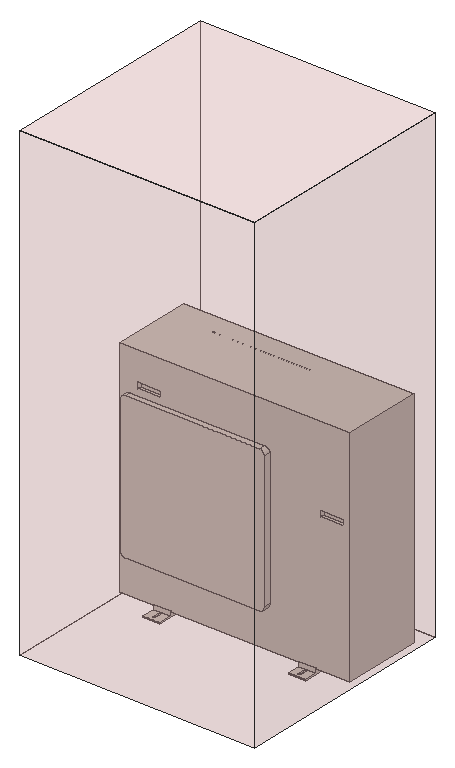
Revit family "PUZ-ZM60VHA2(-ET,ER)", category Mechanical Equipment, Revit 2018
Family settings
  Round Connector Dimension = Use Diameter
  Part Type = Normal
  OmniClass Number = 23.75.00.00
  OmniClass Title = Climate Control (HVAC)
  Work Plane-Based = No
  Always vertical = Yes
  Cut with Voids When Loaded = No
  Shared = No
  Room Calculation Point = No
Parameters (values of type "PUZ-ZM60VHA2(-ET,ER)")
  Width (mm) = 950.000 mm
  Width (in) = "37-13/32"
  WarrantyStart = ""
  Unit Weight (lbS) = "148"
  TagNumber = 0
  SerialNumber = 0
  ReplacementYear = ""
  Refrigerant control = "Linear Expansion Valve"
  Refrigerant charge (lb) = "6.2"
  Refrigerant charge (kg) = 2.8
  Refrigerant Piping length Between the indoor and outdoor unit(m) = "Maximum 55"
  Refrigerant Piping Height difference Between the indoor and outdoor unit(m) = "Maximum 30"
  Refrigerant Oil (Model) (L) = "0.70 (FW68S)"
  Model = "PUZ-ZM60VHA2(-ET,ER)\r\nPUZ-ZM60VHA2(-ET,ER)"
  Voltage = 230 V
  Unit Weight (kg) = 67
  URL = "http://www.mitsubishielectric.com/"
  Subcategory = "HVAC"
  Space View = yes
  Refrigerant type = "R32"
  Phase = 1
  Maxmum current (A) = 19 A
  Manufacturer = "Mitsubishi Electric Corporation"
  Liquid pipe_diameter (mm) = 9.520 mm
  Liquid pipe_diameter (in) = "3/8"
  InstallationDate = ""
  Hertz = 50 Hz
  Height (mm) = 943.000 mm
  Height (in) = "37-1/8"
  Heating Sound pressure level (SPL) (dB) = 47
  Heat exchanger = "Plate fin coill"
  Gas pipe_diameter (mm) = 15.880 mm
  Gas pipe_diameter (in) = "5/8"
  Fan drive = "Propeller fan"
  Fan No. = "1"
  Fan Motor Output (kW) = 0.074
  Fan Airflow (m3/min) (CFM) = "55 (1940)"
  External Finish = "Munsell 3Y 7.8/1.1"
  Equip_description = ""
  Equip_No. = 0
  Equip_ID = ""
  Description_ = ""
  Depth (mm)_ = "300+25"
  Depth (in) = "13+1-3/16"
  Defrost method = "Reverse cycle"
  CreatedOn = ""
  CreatedBy = ""
  Crankcase heater = "-"
  Cooling Sound pressure level (SPL) (dB) = 49
  Connection method Outdoor side = "Flared"
  Connection method  Indoor side = "Flared"
  Compressor Starter type = "Inverter"
  Compressor Protection devices = "HP switch, Comp. surface thermo, Discharge thermo, Over current detection"
  Compressor Motor Output (kW) = 1.25
  Compressor Model = "SVB172FFUM1"
  Compressor = "Hermetic"
  Category = ""
  Barcode = ""
  AssetIdentifier = ""
Reference planes
  plane 1 "Center (Front/Back)": y = 0
  plane 2: z = 0
  plane 3 "Center (Left/Right)": x = 0
  plane 4: y = 165
  plane 5 "R": x = 475
  plane 6: y = -165
  plane 7 "LEFT": x = -475
  plane 8 "TOP": z = 943
  plane 9: x = -153
  plane 10: z = 473
  plane 11: x = 434
  plane 12: x = 378
  plane 13: y = -104
  plane 14: y = -124
  plane 15 "UNDER": z = 23
  plane 16: y = 54
  plane 17: y = 135
  plane 18: x = -445
  plane 19: x = -225
  plane 20: x = -80
  plane 21: x = 65
  plane 22: x = 210
  plane 23: z = 663
Forms (mm)
  Extrusion 1, solid, material "Paint_3Y 7.8/ 1.1"
    sketch origin (24.944, 4.915, 0) x (1, 0, 0) y (0, 1, 0)
      loop
        line (-499.944, 160.085) -> (-499.944, -169.915) -> (450.056, -169.915) -> (450.056, 160.085) -> (-499.944, 160.085)
    from 23 to 943
  Extrusion 2, void
    sketch origin (-445.511, 165, 0) x (-1, 0, 0) y (0, 0, -1)
      loop
        line (-719.9, -62.088) -> (-719.9, -892.296) -> (-90.6, -892.296) -> (-90.6, -62.088) -> (-719.9, -62.088)
    from -153.27 to 20
  Extrusion 3, solid, material "Service space", visible <- "Space View"
    sketch origin (6.687, 16.028, 0) x (1, 0, 0) y (0, 1, 0)
      loop
        line (478.313, 248.972) -> (-491.687, 248.972) -> (-491.688, -681.028) -> (478.312, -681.028) -> (478.313, 248.972)
    from 1943 to -1
  Extrusion 4, solid, material "Paint_3Y 7.8/ 1.1"
    sketch origin (470.431, -165, 0) x (-1, 0, 0) y (0, 0, -1)
      loop
        line (920.431, -753) -> (920.431, -193)
        arc (920.431, -193) -> (914.573, -178.858) -> (900.431, -173) r 20
        line (900.431, -173) -> (346.431, -173)
        arc (346.431, -173) -> (332.289, -178.858) -> (326.431, -193) r 20
        line (326.431, -193) -> (326.431, -753)
        arc (326.431, -753) -> (332.289, -767.142) -> (346.431, -773) r 20
        line (346.431, -773) -> (900.431, -773)
        arc (900.431, -773) -> (914.573, -767.142) -> (920.431, -753) r 20
    from 0 to 25
  Extrusion 5, solid
    sketch origin (24.944, 4.915, 0) x (1, 0, 0) y (0, 1, 0)
      loop
        circle (-370.55, 157.644) r 2
      loop
        circle (-218.55, 157.644) r 2
      loop
        circle (-66.55, 157.644) r 2
      loop
        circle (85.45, 157.644) r 2
      loop
        circle (237.45, 157.644) r 2
    from 62.088 to 892.296
  Extrusion 6, solid
    sketch origin (-450.056, 4.915, 0) x (0, 1, 0) y (0, 0, 1)
      loop
        circle (157.644, 75.98) r 2
      loop
        circle (157.644, 273.98) r 2
      loop
        circle (157.644, 481.98) r 2
      loop
        circle (157.644, 689.98) r 2
      loop
        circle (157.644, 884.443) r 2
    from 95.145 to 724.445
  Extrusion 7, solid, material "Copper"
    sketch origin (-15.056, 4.915, 0) x (1, 0, 0) y (0, 1, 0)
      loop
        circle (393.056, -129.915) r 4.76
    from 447 to 537.741
  Extrusion 8, solid, material "Copper"
    sketch origin (24.944, 11.915, 0) x (1, 0, 0) y (0, 1, 0)
      loop
        circle (409.056, -115.915) r 7.94
    from 433 to 537.741
  Extrusion 9, solid
    sketch origin (470.431, -165, -47.5) x (-1, 0, 0) y (0, 0, -1)
      loop
        line (258.262, -673) -> (118.262, -673) -> (118.262, -748) -> (258.262, -748) -> (258.262, -673)
    from -75 to -70
  Extrusion 10, void
    sketch origin (470.431, -165, 0) x (-1, 0, 0) y (0, 0, -1)
      loop
        arc (113.014, -615.217) -> (114.428, -614.631) -> (115.014, -613.217) r 2
        line (115.014, -613.217) -> (115.014, -592.217)
        arc (115.014, -592.217) -> (114.428, -590.803) -> (113.014, -590.217) r 2
        line (113.014, -590.217) -> (22.014, -590.217)
        arc (22.014, -590.217) -> (20.6, -590.803) -> (20.014, -592.217) r 2
        line (20.014, -592.217) -> (20.014, -613.217)
        arc (20.014, -613.217) -> (20.6, -614.631) -> (22.014, -615.217) r 2
        line (22.014, -615.217) -> (113.014, -615.217)
    from -15 to 0
  Extrusion 11, void
    sketch origin (-450.056, 165, 0) x (1, 0, 0) y (0, 0, -1)
      loop
        arc (900.473, -648.587) -> (901.888, -648.001) -> (902.473, -646.587) r 2
        line (902.473, -646.587) -> (902.473, -625.587)
        arc (902.473, -625.587) -> (901.888, -624.173) -> (900.473, -623.587) r 2
        line (900.473, -623.587) -> (809.473, -623.587)
        arc (809.473, -623.587) -> (808.059, -624.173) -> (807.473, -625.587) r 2
        line (807.473, -625.587) -> (807.473, -646.587)
        arc (807.473, -646.587) -> (808.059, -648.001) -> (809.473, -648.587) r 2
        line (809.473, -648.587) -> (900.473, -648.587)
    from -15 to 0
  Extrusion 12, void
    sketch origin (-450.056, 165, 0) x (1, 0, 0) y (0, 0, -1)
      loop
        line (-24.944, -641.249) -> (20.556, -641.249)
        arc (20.556, -641.249) -> (21.97, -640.663) -> (22.556, -639.249) r 2
        line (22.556, -639.249) -> (22.556, -618.204)
        arc (22.556, -618.204) -> (21.97, -616.79) -> (20.556, -616.204) r 2
        line (20.556, -616.204) -> (-24.944, -616.204) -> (-24.944, -641.249)
    from -15 to 0
  Extrusion 13, void
    sketch origin (-475, 149.915, 0) x (0, 1, 0) y (0, 0, -1)
      loop
        line (15.085, -641.249) -> (15.085, -616.249) -> (-30.415, -616.249)
        arc (-30.415, -616.249) -> (-31.83, -616.835) -> (-32.415, -618.249) r 2
        line (-32.415, -618.249) -> (-32.415, -639.249)
        arc (-32.415, -639.249) -> (-31.83, -640.663) -> (-30.415, -641.249) r 2
        line (-30.415, -641.249) -> (15.085, -641.249)
    from -15 to 0
  Extrusion 14, void
    sketch origin (6.526, 0, 23) x (-1, 0, 0) y (0, -1, 0)
      loop
        circle (451.526, -54) r 16.5
      loop
        circle (231.526, -135) r 16.5
      loop
        circle (86.526, -135) r 16.5
      loop
        circle (-58.474, -135) r 16.5
      loop
        circle (-203.474, -135) r 16.5
    from -10 to 20
  Extrusion 15, void
    sketch origin (-284.285, -165, 209.032) x (-1, 0, 0) y (0, 0, -1)
      loop
        arc (113.014, -615.217) -> (114.428, -614.631) -> (115.014, -613.217) r 2
        line (115.014, -613.217) -> (115.014, -592.217)
        arc (115.014, -592.217) -> (114.428, -590.803) -> (113.014, -590.217) r 2
        line (113.014, -590.217) -> (22.014, -590.217)
        arc (22.014, -590.217) -> (20.6, -590.803) -> (20.014, -592.217) r 2
        line (20.014, -592.217) -> (20.014, -613.217)
        arc (20.014, -613.217) -> (20.6, -614.631) -> (22.014, -615.217) r 2
        line (22.014, -615.217) -> (113.014, -615.217)
    from -15 to 0
Cuts and joins
  Extrusion 2, Extrusion 10, Extrusion 11, Extrusion 12, Extrusion 13, Extrusion 14, Extrusion 15 cuts Extrusion 1
Lines and regions (mm)
  model lines
    curve 1: line (-434.925, 50.334, 943) -> (436.725, 50.334, 943)
    curve 2: line (-449.925, -14.666, 943) -> (-449.925, 35.334, 943)
    curve 3: line (436.725, -29.666, 943) -> (-434.925, -29.666, 943)
    curve 4: line (451.725, 35.334, 943) -> (451.725, -14.666, 943)
    curve 5: line (-434.925, 65.334, 943) -> (436.725, 65.334, 943)
    curve 6: line (-449.925, 130.334, 943) -> (-449.925, 80.334, 943)
    curve 7: line (436.725, 145.334, 943) -> (-434.925, 145.334, 943)
    curve 8: line (451.725, 80.334, 943) -> (451.725, 130.334, 943)
    curve 9: line (-434.925, -44.666, 943) -> (436.725, -44.666, 943)
    curve 10: line (-449.925, -119.784, 943) -> (-449.925, -59.666, 943)
    curve 11: line (436.725, -134.784, 943) -> (-434.925, -134.784, 943)
    curve 12: line (451.725, -59.666, 943) -> (451.725, -119.784, 943)
    curve 13: line (159, -165, 943) -> (159, -165, 23)
    curve 14: line (159, -165, 160) -> (475, -165, 160)
    curve 15: line (159, -165, 145) -> (475, -165, 145)
    curve 16: line (-430.456, -165, 772.687) -> (123.544, -165, 772.687)
    curve 17: line (143.544, -165, 752.688) -> (143.544, -165, 192.687)
    curve 18: arc (123.544, -165, 772.687) -> (137.686, -165, 766.83) -> (143.544, -165, 752.688) r 20
    curve 19: circle (-153, -190, 473) r 260 normal (0, -1, 0)
    curve 20: line (-293, -190, 773) -> (-293, -190, 173)
    curve 21: line (-283, -190, 773) -> (-283, -190, 173)
    curve 22: line (-273, -190, 773) -> (-273, -190, 173)
    curve 23: line (-263, -190, 773) -> (-263, -190, 173)
    curve 24: line (-253, -190, 773) -> (-253, -190, 173)
    curve 25: line (-243, -190, 773) -> (-243, -190, 173)
    curve 26: line (-233, -190, 773) -> (-233, -190, 173)
    curve 27: line (-223, -190, 773) -> (-223, -190, 173)
    curve 28: line (-213, -190, 773) -> (-213, -190, 173)
    curve 29: line (-203, -190, 773) -> (-203, -190, 173)
    curve 30: line (-193, -190, 773) -> (-193, -190, 173)
    curve 31: line (-183, -190, 773) -> (-183, -190, 173)
    curve 32: line (-173, -190, 773) -> (-173, -190, 173)
    curve 33: line (-163, -190, 773) -> (-163, -190, 173)
    curve 34: line (-153, -190, 773) -> (-153, -190, 173)
    curve 35: line (-143, -190, 773) -> (-143, -190, 173)
    curve 36: line (-133, -190, 773) -> (-133, -190, 173)
    curve 37: line (-123, -190, 773) -> (-123, -190, 173)
    curve 38: line (-113, -190, 773) -> (-113, -190, 173)
    curve 39: line (-103, -190, 773) -> (-103, -190, 173)
    curve 40: line (-93, -190, 773) -> (-93, -190, 173)
    curve 41: line (-83, -190, 773) -> (-83, -190, 173)
    curve 42: line (-73, -190, 773) -> (-73, -190, 173)
    curve 43: line (-63, -190, 773) -> (-63, -190, 173)
    curve 44: line (-53, -190, 773) -> (-53, -190, 173)
    curve 45: line (-43, -190, 773) -> (-43, -190, 173)
    curve 46: line (-33, -190, 773) -> (-33, -190, 173)
    curve 47: line (-23, -190, 773) -> (-23, -190, 173)
    curve 48: line (-13, -190, 773) -> (-13, -190, 173)
    curve 49: arc (451.725, 130.334, 943) -> (447.332, 140.941, 943) -> (436.725, 145.334, 943) r 15
    curve 50: arc (436.725, 65.334, 943) -> (447.332, 69.728, 943) -> (451.725, 80.334, 943) r 15
    curve 51: arc (436.725, 50.334, 943) -> (447.332, 45.941, 943) -> (451.725, 35.334, 943) r 15
    curve 52: arc (451.725, -14.666, 943) -> (447.332, -25.272, 943) -> (436.725, -29.666, 943) r 15
    curve 53: arc (436.725, -44.666, 943) -> (447.332, -49.059, 943) -> (451.725, -59.666, 943) r 15
    curve 54: arc (451.725, -119.784, 943) -> (447.332, -130.391, 943) -> (436.725, -134.784, 943) r 15
    curve 55: arc (-434.925, 145.334, 943) -> (-445.532, 140.941, 943) -> (-449.925, 130.334, 943) r 15
    curve 56: arc (-449.925, 80.334, 943) -> (-445.532, 69.728, 943) -> (-434.925, 65.334, 943) r 15
    curve 57: arc (-449.925, 35.334, 943) -> (-445.532, 45.941, 943) -> (-434.925, 50.334, 943) r 15
    curve 58: arc (-449.925, -14.666, 943) -> (-445.532, -25.272, 943) -> (-434.925, -29.666, 943) r 15
    curve 59: arc (-449.925, -59.666, 943) -> (-445.532, -49.059, 943) -> (-434.925, -44.666, 943) r 15
    curve 60: arc (-434.925, -134.784, 943) -> (-445.532, -130.391, 943) -> (-449.925, -119.784, 943) r 15
    curve 61: line (475, -165.144, 160) -> (475, 165, 160)
    curve 62: line (475, -165.144, 145) -> (475, 165, 145)
    curve 63: line (-475, -89.725, 943) -> (-475, -89.725, 23)
    curve 64: line (-475, -1.067, 726.249) -> (-475, -1.067, 906.249)
    curve 65: line (-475, 86.933, 916.249) -> (-475, 70.933, 916.249)
    curve 66: line (-475, 93.933, 723.249) -> (-475, 93.933, 909.249)
    curve 67: line (-475, 70.933, 716.249) -> (-475, 86.933, 716.249)
    curve 68: line (-475, 63.933, 909.249) -> (-475, 63.933, 723.249)
    curve 69: arc (-475, 70.933, 916.249) -> (-475, 65.984, 914.199) -> (-475, 63.933, 909.249) r 7
    curve 70: arc (-475, 93.933, 909.249) -> (-475, 91.883, 914.199) -> (-475, 86.933, 916.249) r 7
    curve 71: arc (-475, 70.933, 716.249) -> (-475, 65.984, 718.299) -> (-475, 63.933, 723.249) r 7
    curve 72: arc (-475, 93.933, 723.249) -> (-475, 91.883, 718.299) -> (-475, 86.933, 716.249) r 7
    curve 73: line (-475, -53.067, 496.249) -> (-475, -69.067, 496.249)
    curve 74: line (-475, -46.067, 303.249) -> (-475, -46.067, 489.249)
    curve 75: line (-475, -69.067, 296.249) -> (-475, -53.067, 296.249)
    curve 76: line (-475, -76.067, 489.249) -> (-475, -76.067, 303.249)
    curve 77: arc (-475, -69.067, 496.249) -> (-475, -74.016, 494.199) -> (-475, -76.067, 489.249) r 7
    curve 78: arc (-475, -46.067, 489.249) -> (-475, -48.117, 494.199) -> (-475, -53.067, 496.249) r 7
    curve 79: arc (-475, -69.067, 296.249) -> (-475, -74.016, 298.299) -> (-475, -76.067, 303.249) r 7
    curve 80: arc (-475, -46.067, 303.249) -> (-475, -48.117, 298.299) -> (-475, -53.067, 296.249) r 7
    curve 81: line (-475, -8.067, 496.249) -> (-475, -24.067, 496.249)
    curve 82: line (-475, -1.067, 303.249) -> (-475, -1.067, 489.249)
    curve 83: line (-475, -24.067, 296.249) -> (-475, -8.067, 296.249)
    curve 84: line (-475, -31.067, 489.249) -> (-475, -31.067, 303.249)
    curve 85: arc (-475, -24.067, 496.249) -> (-475, -29.016, 494.199) -> (-475, -31.067, 489.249) r 7
    curve 86: arc (-475, -1.067, 489.249) -> (-475, -3.117, 494.199) -> (-475, -8.067, 496.249) r 7
    curve 87: arc (-475, -24.067, 296.249) -> (-475, -29.016, 298.299) -> (-475, -31.067, 303.249) r 7
    curve 88: arc (-475, -1.067, 303.249) -> (-475, -3.117, 298.299) -> (-475, -8.067, 296.249) r 7
    curve 89: line (-475, 36.933, 496.249) -> (-475, 20.933, 496.249)
    curve 90: line (-475, 43.933, 303.249) -> (-475, 43.933, 489.249)
    curve 91: line (-475, 20.933, 296.249) -> (-475, 36.933, 296.249)
    curve 92: line (-475, 13.933, 489.249) -> (-475, 13.933, 303.249)
    curve 93: arc (-475, 20.933, 496.249) -> (-475, 15.984, 494.199) -> (-475, 13.933, 489.249) r 7
    curve 94: arc (-475, 43.933, 489.249) -> (-475, 41.883, 494.199) -> (-475, 36.933, 496.249) r 7
    curve 95: arc (-475, 20.933, 296.249) -> (-475, 15.984, 298.299) -> (-475, 13.933, 303.249) r 7
    curve 96: arc (-475, 43.933, 303.249) -> (-475, 41.883, 298.299) -> (-475, 36.933, 296.249) r 7
    curve 97: line (-475, 86.933, 496.249) -> (-475, 70.933, 496.249)
    curve 98: line (-475, 93.933, 303.249) -> (-475, 93.933, 489.249)
    curve 99: line (-475, 70.933, 296.249) -> (-475, 86.933, 296.249)
    curve 100: line (-475, 63.933, 489.249) -> (-475, 63.933, 303.249)
    curve 101: arc (-475, 70.933, 496.249) -> (-475, 65.984, 494.199) -> (-475, 63.933, 489.249) r 7
    curve 102: arc (-475, 93.933, 489.249) -> (-475, 91.883, 494.199) -> (-475, 86.933, 496.249) r 7
    curve 103: arc (-475, 70.933, 296.249) -> (-475, 65.984, 298.299) -> (-475, 63.933, 303.249) r 7
    curve 104: arc (-475, 93.933, 303.249) -> (-475, 91.883, 298.299) -> (-475, 86.933, 296.249) r 7
    curve 105: line (-475, -53.067, 286.249) -> (-475, -69.067, 286.249)
    curve 106: line (-475, -46.067, 93.249) -> (-475, -46.067, 279.249)
    curve 107: line (-475, -69.067, 86.249) -> (-475, -53.067, 86.249)
    curve 108: line (-475, -76.067, 279.249) -> (-475, -76.067, 93.249)
    curve 109: arc (-475, -69.067, 286.249) -> (-475, -74.016, 284.199) -> (-475, -76.067, 279.249) r 7
    curve 110: arc (-475, -46.067, 279.249) -> (-475, -48.117, 284.199) -> (-475, -53.067, 286.249) r 7
    curve 111: arc (-475, -69.067, 86.249) -> (-475, -74.016, 88.299) -> (-475, -76.067, 93.249) r 7
    curve 112: arc (-475, -46.067, 93.249) -> (-475, -48.117, 88.299) -> (-475, -53.067, 86.249) r 7
    curve 113: line (-475, -8.067, 286.249) -> (-475, -24.067, 286.249)
    curve 114: line (-475, -1.067, 93.249) -> (-475, -1.067, 279.249)
    curve 115: line (-475, -24.067, 86.249) -> (-475, -8.067, 86.249)
    curve 116: line (-475, -31.067, 279.249) -> (-475, -31.067, 93.249)
    curve 117: arc (-475, -24.067, 286.249) -> (-475, -29.016, 284.199) -> (-475, -31.067, 279.249) r 7
    curve 118: arc (-475, -1.067, 279.249) -> (-475, -3.117, 284.199) -> (-475, -8.067, 286.249) r 7
    curve 119: arc (-475, -24.067, 86.249) -> (-475, -29.016, 88.299) -> (-475, -31.067, 93.249) r 7
    curve 120: arc (-475, -1.067, 93.249) -> (-475, -3.117, 88.299) -> (-475, -8.067, 86.249) r 7
    curve 121: line (-475, 36.933, 286.249) -> (-475, 20.933, 286.249)
    curve 122: line (-475, 43.933, 93.249) -> (-475, 43.933, 279.249)
    curve 123: line (-475, 20.933, 86.249) -> (-475, 36.933, 86.249)
    curve 124: line (-475, 13.933, 279.249) -> (-475, 13.933, 93.249)
    curve 125: arc (-475, 20.933, 286.249) -> (-475, 15.984, 284.199) -> (-475, 13.933, 279.249) r 7
    curve 126: arc (-475, 43.933, 279.249) -> (-475, 41.883, 284.199) -> (-475, 36.933, 286.249) r 7
    curve 127: arc (-475, 20.933, 86.249) -> (-475, 15.984, 88.299) -> (-475, 13.933, 93.249) r 7
    curve 128: arc (-475, 43.933, 93.249) -> (-475, 41.883, 88.299) -> (-475, 36.933, 86.249) r 7
    curve 129: line (-475, 86.933, 286.249) -> (-475, 70.933, 286.249)
    curve 130: line (-475, 93.933, 93.249) -> (-475, 93.933, 279.249)
    curve 131: line (-475, 70.933, 86.249) -> (-475, 86.933, 86.249)
    curve 132: line (-475, 63.933, 279.249) -> (-475, 63.933, 93.249)
    curve 133: arc (-475, 70.933, 286.249) -> (-475, 65.984, 284.199) -> (-475, 63.933, 279.249) r 7
    curve 134: arc (-475, 93.933, 279.249) -> (-475, 91.883, 284.199) -> (-475, 86.933, 286.249) r 7
    curve 135: arc (-475, 70.933, 86.249) -> (-475, 65.984, 88.299) -> (-475, 63.933, 93.249) r 7
    curve 136: arc (-475, 93.933, 93.249) -> (-475, 91.883, 88.299) -> (-475, 86.933, 86.249) r 7
    curve 137: line (-475, 43.933, 48.249) -> (-475, 43.933, 69.249)
    curve 138: line (-475, 86.933, 76.249) -> (-475, 70.933, 76.249)
    curve 139: line (-475, 93.933, 48.249) -> (-475, 93.933, 69.249)
    curve 140: line (-475, 70.933, 41.249) -> (-475, 86.933, 41.249)
    curve 141: line (-475, 63.933, 69.249) -> (-475, 63.933, 48.249)
    curve 142: arc (-475, 70.933, 76.249) -> (-475, 65.984, 74.199) -> (-475, 63.933, 69.249) r 7
    curve 143: arc (-475, 93.933, 69.249) -> (-475, 91.883, 74.199) -> (-475, 86.933, 76.249) r 7
    curve 144: arc (-475, 70.933, 41.249) -> (-475, 65.984, 43.299) -> (-475, 63.933, 48.249) r 7
    curve 145: arc (-475, 93.933, 48.249) -> (-475, 91.883, 43.299) -> (-475, 86.933, 41.249) r 7
    curve 146: line (-381.299, 165, 916.249) -> (-397.299, 165, 916.249)
    curve 147: line (-374.299, 165, 723.249) -> (-374.299, 165, 909.249)
    curve 148: line (-397.299, 165, 716.249) -> (-381.299, 165, 716.249)
    curve 149: line (-404.299, 165, 909.249) -> (-404.299, 165, 723.249)
    curve 150: arc (-397.299, 165, 916.249) -> (-402.249, 165, 914.199) -> (-404.299, 165, 909.249) r 7
    curve 151: arc (-374.299, 165, 909.249) -> (-376.35, 165, 914.199) -> (-381.299, 165, 916.249) r 7
    curve 152: arc (-404.299, 165, 723.249) -> (-402.249, 165, 718.299) -> (-397.299, 165, 716.249) r 7
    curve 153: arc (-381.299, 165, 716.249) -> (-376.35, 165, 718.299) -> (-374.299, 165, 723.249) r 7
    curve 154: line (-381.299, 165, 496.249) -> (-397.299, 165, 496.249)
    curve 155: line (-374.299, 165, 303.249) -> (-374.299, 165, 489.249)
    curve 156: line (-397.299, 165, 296.249) -> (-381.299, 165, 296.249)
    curve 157: line (-404.299, 165, 489.249) -> (-404.299, 165, 303.249)
    curve 158: arc (-397.299, 165, 496.249) -> (-402.249, 165, 494.199) -> (-404.299, 165, 489.249) r 7
    curve 159: arc (-374.299, 165, 489.249) -> (-376.35, 165, 494.199) -> (-381.299, 165, 496.249) r 7
    curve 160: arc (-404.299, 165, 303.249) -> (-402.249, 165, 298.299) -> (-397.299, 165, 296.249) r 7
    curve 161: arc (-381.299, 165, 296.249) -> (-376.35, 165, 298.299) -> (-374.299, 165, 303.249) r 7
    curve 162: line (-381.299, 165, 286.249) -> (-397.299, 165, 286.249)
    curve 163: line (-374.299, 165, 93.249) -> (-374.299, 165, 279.249)
    curve 164: line (-397.299, 165, 86.249) -> (-381.299, 165, 86.249)
    curve 165: line (-404.299, 165, 279.249) -> (-404.299, 165, 93.249)
    curve 166: arc (-397.299, 165, 286.249) -> (-402.249, 165, 284.199) -> (-404.299, 165, 279.249) r 7
    curve 167: arc (-374.299, 165, 279.249) -> (-376.35, 165, 284.199) -> (-381.299, 165, 286.249) r 7
    curve 168: arc (-404.299, 165, 93.249) -> (-402.249, 165, 88.299) -> (-397.299, 165, 86.249) r 7
    curve 169: arc (-381.299, 165, 86.249) -> (-376.35, 165, 88.299) -> (-374.299, 165, 93.249) r 7
    curve 170: line (-381.299, 165, 76.249) -> (-397.299, 165, 76.249)
    curve 171: line (-374.299, 165, 48.249) -> (-374.299, 165, 69.249)
    curve 172: line (-397.299, 165, 41.249) -> (-381.299, 165, 41.249)
    curve 173: line (-404.299, 165, 69.249) -> (-404.299, 165, 48.249)
    curve 174: arc (-397.299, 165, 76.249) -> (-402.249, 165, 74.199) -> (-404.299, 165, 69.249) r 7
    curve 175: arc (-374.299, 165, 69.249) -> (-376.35, 165, 74.199) -> (-381.299, 165, 76.249) r 7
    curve 176: arc (-404.299, 165, 48.249) -> (-402.249, 165, 43.299) -> (-397.299, 165, 41.249) r 7
    curve 177: arc (-381.299, 165, 41.249) -> (-376.35, 165, 43.299) -> (-374.299, 165, 48.249) r 7
    curve 178: line (357.417, -165, 620.217) -> (448.417, -165, 620.217)
    curve 179: arc (448.417, -165, 620.217) -> (453.367, -165, 618.167) -> (455.417, -165, 613.217) r 7
    curve 180: line (455.417, -165, 613.217) -> (455.417, -165, 592.217)
    curve 181: arc (455.417, -165, 592.217) -> (453.367, -165, 587.268) -> (448.417, -165, 585.217) r 7
    curve 182: line (448.417, -165, 585.217) -> (357.417, -165, 585.217)
    curve 183: arc (357.417, -165, 585.217) -> (352.467, -165, 587.268) -> (350.417, -165, 592.217) r 7
    curve 184: line (350.417, -165, 592.217) -> (350.417, -165, 613.217)
    curve 185: arc (350.417, -165, 613.217) -> (352.467, -165, 618.167) -> (357.417, -165, 620.217) r 7
    curve 186: line (475, 0, 943) -> (475, 0, 23)
    curve 187: arc (457.417, 165, 646.587) -> (455.367, 165, 651.537) -> (450.417, 165, 653.587) r 7
    curve 188: line (450.417, 165, 653.587) -> (359.417, 165, 653.587)
    curve 189: arc (359.417, 165, 653.587) -> (354.467, 165, 651.537) -> (352.417, 165, 646.587) r 7
    curve 190: line (352.417, 165, 646.587) -> (352.417, 165, 625.587)
    curve 191: arc (352.417, 165, 625.587) -> (354.467, 165, 620.637) -> (359.417, 165, 618.587) r 7
    curve 192: line (359.417, 165, 618.587) -> (450.417, 165, 618.587)
    curve 193: arc (450.417, 165, 618.587) -> (455.367, 165, 620.637) -> (457.417, 165, 625.587) r 7
    curve 194: line (457.417, 165, 625.587) -> (457.417, 165, 646.587)
    curve 195: line (-429.5, 165, 646.249) -> (-475, 165, 646.249)
    curve 196: arc (-422.5, 165, 639.249) -> (-424.55, 165, 644.199) -> (-429.5, 165, 646.249) r 7
    curve 197: line (-422.5, 165, 618.204) -> (-422.5, 165, 639.249)
    curve 198: arc (-429.5, 165, 611.204) -> (-424.55, 165, 613.255) -> (-422.5, 165, 618.204) r 7
    curve 199: line (-475, 165, 611.204) -> (-429.5, 165, 611.204)
    curve 200: line (-475, 165, 646.249) -> (-475, 119.5, 646.249)
    curve 201: arc (-475, 119.5, 646.249) -> (-475, 114.55, 644.199) -> (-475, 112.5, 639.249) r 7
    curve 202: line (-475, 112.5, 639.249) -> (-475, 112.5, 618.249)
    curve 203: arc (-475, 112.5, 618.249) -> (-475, 114.55, 613.299) -> (-475, 119.5, 611.249) r 7
    curve 204: line (-475, 119.5, 611.204) -> (-475, 165, 611.204)
    curve 205: line (-475, 36.933, 916.249) -> (-475, 20.933, 916.249)
    curve 206: line (-475, 43.933, 723.249) -> (-475, 43.933, 909.249)
    curve 207: line (-475, 20.933, 716.249) -> (-475, 36.933, 716.249)
    curve 208: line (-475, 13.933, 909.249) -> (-475, 13.933, 723.249)
    curve 209: arc (-475, 20.933, 916.249) -> (-475, 15.984, 914.199) -> (-475, 13.933, 909.249) r 7
    curve 210: arc (-475, 43.933, 909.249) -> (-475, 41.883, 914.199) -> (-475, 36.933, 916.249) r 7
    curve 211: arc (-475, 20.933, 716.249) -> (-475, 15.984, 718.299) -> (-475, 13.933, 723.249) r 7
    curve 212: arc (-475, 43.933, 723.249) -> (-475, 41.883, 718.299) -> (-475, 36.933, 716.249) r 7
    curve 213: line (-475, -8.067, 916.249) -> (-475, -24.067, 916.249)
    curve 214: line (-475, -1.067, 723.249) -> (-475, -1.067, 909.249)
    curve 215: line (-475, -24.067, 716.249) -> (-475, -8.067, 716.249)
    curve 216: line (-475, -31.067, 909.249) -> (-475, -31.067, 723.249)
    curve 217: arc (-475, -24.067, 916.249) -> (-475, -29.016, 914.199) -> (-475, -31.067, 909.249) r 7
    curve 218: arc (-475, -1.067, 909.249) -> (-475, -3.117, 914.199) -> (-475, -8.067, 916.249) r 7
    curve 219: arc (-475, -24.067, 716.249) -> (-475, -29.016, 718.299) -> (-475, -31.067, 723.249) r 7
    curve 220: arc (-475, -1.067, 723.249) -> (-475, -3.117, 718.299) -> (-475, -8.067, 716.249) r 7
    curve 221: line (-475, -53.067, 916.249) -> (-475, -69.067, 916.249)
    curve 222: line (-475, -46.067, 723.249) -> (-475, -46.067, 909.249)
    curve 223: line (-475, -69.067, 716.249) -> (-475, -53.067, 716.249)
    curve 224: line (-475, -76.067, 909.249) -> (-475, -76.067, 723.249)
    curve 225: arc (-475, -69.067, 916.249) -> (-475, -74.016, 914.199) -> (-475, -76.067, 909.249) r 7
    curve 226: arc (-475, -46.067, 909.249) -> (-475, -48.117, 914.199) -> (-475, -53.067, 916.249) r 7
    curve 227: arc (-475, -69.067, 716.249) -> (-475, -74.016, 718.299) -> (-475, -76.067, 723.249) r 7
    curve 228: arc (-475, -46.067, 723.249) -> (-475, -48.117, 718.299) -> (-475, -53.067, 716.249) r 7
    curve 229: line (-475, 36.933, 706.249) -> (-475, 20.933, 706.249)
    curve 230: line (-475, 43.933, 513.249) -> (-475, 43.933, 699.249)
    curve 231: line (-475, 20.933, 506.249) -> (-475, 36.933, 506.249)
    curve 232: line (-475, 13.933, 699.249) -> (-475, 13.933, 513.249)
    curve 233: arc (-475, 20.933, 706.249) -> (-475, 15.984, 704.199) -> (-475, 13.933, 699.249) r 7
    curve 234: arc (-475, 43.933, 699.249) -> (-475, 41.883, 704.199) -> (-475, 36.933, 706.249) r 7
    curve 235: arc (-475, 20.933, 506.249) -> (-475, 15.984, 508.299) -> (-475, 13.933, 513.249) r 7
    curve 236: arc (-475, 43.933, 513.249) -> (-475, 41.883, 508.299) -> (-475, 36.933, 506.249) r 7
    curve 237: line (-475, -8.067, 706.249) -> (-475, -24.067, 706.249)
    curve 238: line (-475, -1.067, 513.249) -> (-475, -1.067, 699.249)
    curve 239: line (-475, -24.067, 506.249) -> (-475, -8.067, 506.249)
    curve 240: line (-475, -31.067, 699.249) -> (-475, -31.067, 513.249)
    curve 241: arc (-475, -24.067, 706.249) -> (-475, -29.016, 704.199) -> (-475, -31.067, 699.249) r 7
    curve 242: arc (-475, -1.067, 699.249) -> (-475, -3.117, 704.199) -> (-475, -8.067, 706.249) r 7
    curve 243: arc (-475, -24.067, 506.249) -> (-475, -29.016, 508.299) -> (-475, -31.067, 513.249) r 7
    curve 244: arc (-475, -1.067, 513.249) -> (-475, -3.117, 508.299) -> (-475, -8.067, 506.249) r 7
    curve 245: line (-475, -53.067, 706.249) -> (-475, -69.067, 706.249)
    curve 246: line (-475, -46.067, 513.249) -> (-475, -46.067, 699.249)
    curve 247: line (-475, -69.067, 506.249) -> (-475, -53.067, 506.249)
    curve 248: line (-475, -76.067, 699.249) -> (-475, -76.067, 513.249)
    curve 249: arc (-475, -69.067, 706.249) -> (-475, -74.016, 704.199) -> (-475, -76.067, 699.249) r 7
    curve 250: arc (-475, -46.067, 699.249) -> (-475, -48.117, 704.199) -> (-475, -53.067, 706.249) r 7
    curve 251: arc (-475, -69.067, 506.249) -> (-475, -74.016, 508.299) -> (-475, -76.067, 513.249) r 7
    curve 252: arc (-475, -46.067, 513.249) -> (-475, -48.117, 508.299) -> (-475, -53.067, 506.249) r 7
    curve 253: line (-475, 36.933, 76.249) -> (-475, 20.933, 76.249)
    curve 254: line (-475, 20.933, 41.249) -> (-475, 36.933, 41.249)
    curve 255: line (-475, 13.933, 69.249) -> (-475, 13.933, 48.249)
    curve 256: arc (-475, 20.933, 76.249) -> (-475, 15.984, 74.199) -> (-475, 13.933, 69.249) r 7
    curve 257: arc (-475, 43.933, 69.249) -> (-475, 41.883, 74.199) -> (-475, 36.933, 76.249) r 7
    curve 258: arc (-475, 20.933, 41.249) -> (-475, 15.984, 43.299) -> (-475, 13.933, 48.249) r 7
    curve 259: arc (-475, 43.933, 48.249) -> (-475, 41.883, 43.299) -> (-475, 36.933, 41.249) r 7
    curve 260: line (-475, -8.067, 76.249) -> (-475, -24.067, 76.249)
    curve 261: line (-475, -1.067, 48.249) -> (-475, -1.067, 69.249)
    curve 262: line (-475, -24.067, 41.249) -> (-475, -8.067, 41.249)
    curve 263: line (-475, -31.067, 69.249) -> (-475, -31.067, 48.249)
    curve 264: arc (-475, -24.067, 76.249) -> (-475, -29.016, 74.199) -> (-475, -31.067, 69.249) r 7
    curve 265: arc (-475, -1.067, 69.249) -> (-475, -3.117, 74.199) -> (-475, -8.067, 76.249) r 7
    curve 266: arc (-475, -24.067, 41.249) -> (-475, -29.016, 43.299) -> (-475, -31.067, 48.249) r 7
    curve 267: arc (-475, -1.067, 48.249) -> (-475, -3.117, 43.299) -> (-475, -8.067, 41.249) r 7
    curve 268: line (-475, -53.067, 76.249) -> (-475, -69.067, 76.249)
    curve 269: line (-475, -46.067, 48.249) -> (-475, -46.067, 69.249)
    curve 270: line (-475, -69.067, 41.249) -> (-475, -53.067, 41.249)
    curve 271: line (-475, -76.067, 69.249) -> (-475, -76.067, 48.249)
    curve 272: arc (-475, -69.067, 76.249) -> (-475, -74.016, 74.199) -> (-475, -76.067, 69.249) r 7
    curve 273: arc (-475, -46.067, 69.249) -> (-475, -48.117, 74.199) -> (-475, -53.067, 76.249) r 7
    curve 274: arc (-475, -69.067, 41.249) -> (-475, -74.016, 43.299) -> (-475, -76.067, 48.249) r 7
    curve 275: arc (-475, -46.067, 48.249) -> (-475, -48.117, 43.299) -> (-475, -53.067, 41.249) r 7
    curve 276: line (432, 165, 340.937) -> (379, 165, 340.937)
    curve 277: line (434, 165, 327.937) -> (434, 165, 338.937)
    curve 278: line (379, 165, 325.937) -> (432, 165, 325.937)
    curve 279: line (377, 165, 338.937) -> (377, 165, 327.937)
    curve 280: arc (434, 165, 338.937) -> (433.414, 165, 340.351) -> (432, 165, 340.937) r 2
    curve 281: arc (432, 165, 325.937) -> (433.414, 165, 326.523) -> (434, 165, 327.937) r 2
    curve 282: arc (379, 165, 340.937) -> (377.586, 165, 340.351) -> (377, 165, 338.937) r 2
    curve 283: arc (377, 165, 327.937) -> (377.586, 165, 326.523) -> (379, 165, 325.937) r 2
    curve 284: line (432, 165, 343.937) -> (379, 165, 343.937)
    curve 285: arc (379, 165, 343.937) -> (375.464, 165, 342.472) -> (374, 165, 338.937) r 5
    curve 286: line (374, 165, 338.937) -> (374, 165, 327.937)
    curve 287: arc (374, 165, 327.937) -> (375.464, 165, 324.401) -> (379, 165, 322.937) r 5
    curve 288: line (379, 165, 322.937) -> (432, 165, 322.937)
    curve 289: arc (432, 165, 322.937) -> (435.536, 165, 324.401) -> (437, 165, 327.937) r 5
    curve 290: line (437, 165, 327.937) -> (437, 165, 338.937)
    curve 291: arc (437, 165, 338.937) -> (435.536, 165, 342.472) -> (432, 165, 343.937) r 5
    curve 292: line (432, 165, 315.937) -> (379, 165, 315.937)
    curve 293: line (434, 165, 302.937) -> (434, 165, 313.937)
    curve 294: line (379, 165, 300.937) -> (432, 165, 300.937)
    curve 295: line (377, 165, 313.937) -> (377, 165, 302.937)
    curve 296: arc (434, 165, 313.937) -> (433.414, 165, 315.351) -> (432, 165, 315.937) r 2
    curve 297: arc (432, 165, 300.937) -> (433.414, 165, 301.523) -> (434, 165, 302.937) r 2
    curve 298: arc (379, 165, 315.937) -> (377.586, 165, 315.351) -> (377, 165, 313.937) r 2
    curve 299: arc (377, 165, 302.937) -> (377.586, 165, 301.523) -> (379, 165, 300.937) r 2
    curve 300: line (432, 165, 318.937) -> (379, 165, 318.937)
    curve 301: arc (379, 165, 318.937) -> (375.464, 165, 317.472) -> (374, 165, 313.937) r 5
    curve 302: line (374, 165, 313.937) -> (374, 165, 302.937)
    curve 303: arc (374, 165, 302.937) -> (375.464, 165, 299.401) -> (379, 165, 297.937) r 5
    curve 304: line (379, 165, 297.937) -> (432, 165, 297.937)
    curve 305: arc (432, 165, 297.937) -> (435.536, 165, 299.401) -> (437, 165, 302.937) r 5
    curve 306: line (437, 165, 302.937) -> (437, 165, 313.937)
    curve 307: arc (437, 165, 313.937) -> (435.536, 165, 317.472) -> (432, 165, 318.937) r 5
    curve 308: line (432, 165, 290.937) -> (379, 165, 290.937)
    curve 309: line (434, 165, 277.937) -> (434, 165, 288.937)
    curve 310: line (379, 165, 275.937) -> (432, 165, 275.937)
    curve 311: line (377, 165, 288.937) -> (377, 165, 277.937)
    curve 312: arc (434, 165, 288.937) -> (433.414, 165, 290.351) -> (432, 165, 290.937) r 2
    curve 313: arc (432, 165, 275.937) -> (433.414, 165, 276.523) -> (434, 165, 277.937) r 2
    curve 314: arc (379, 165, 290.937) -> (377.586, 165, 290.351) -> (377, 165, 288.937) r 2
    curve 315: arc (377, 165, 277.937) -> (377.586, 165, 276.523) -> (379, 165, 275.937) r 2
    curve 316: line (432, 165, 293.937) -> (379, 165, 293.937)
    curve 317: arc (379, 165, 293.937) -> (375.464, 165, 292.472) -> (374, 165, 288.937) r 5
    curve 318: line (374, 165, 288.937) -> (374, 165, 277.937)
    curve 319: arc (374, 165, 277.937) -> (375.464, 165, 274.401) -> (379, 165, 272.937) r 5
    curve 320: line (379, 165, 272.937) -> (432, 165, 272.937)
    curve 321: arc (432, 165, 272.937) -> (435.536, 165, 274.401) -> (437, 165, 277.937) r 5
    curve 322: line (437, 165, 277.937) -> (437, 165, 288.937)
    curve 323: arc (437, 165, 288.937) -> (435.536, 165, 292.472) -> (432, 165, 293.937) r 5
    curve 324: line (432, 165, 265.937) -> (379, 165, 265.937)
    curve 325: line (434, 165, 252.937) -> (434, 165, 263.937)
    curve 326: line (379, 165, 250.937) -> (432, 165, 250.937)
    curve 327: line (377, 165, 263.937) -> (377, 165, 252.937)
    curve 328: arc (434, 165, 263.937) -> (433.414, 165, 265.351) -> (432, 165, 265.937) r 2
    curve 329: arc (432, 165, 250.937) -> (433.414, 165, 251.523) -> (434, 165, 252.937) r 2
    curve 330: arc (379, 165, 265.937) -> (377.586, 165, 265.351) -> (377, 165, 263.937) r 2
    curve 331: arc (377, 165, 252.937) -> (377.586, 165, 251.523) -> (379, 165, 250.937) r 2
    curve 332: line (432, 165, 268.937) -> (379, 165, 268.937)
    curve 333: arc (379, 165, 268.937) -> (375.464, 165, 267.472) -> (374, 165, 263.937) r 5
    curve 334: line (374, 165, 263.937) -> (374, 165, 252.937)
    curve 335: arc (374, 165, 252.937) -> (375.464, 165, 249.401) -> (379, 165, 247.937) r 5
    curve 336: line (379, 165, 247.937) -> (432, 165, 247.937)
    curve 337: arc (432, 165, 247.937) -> (435.536, 165, 249.401) -> (437, 165, 252.937) r 5
    curve 338: line (437, 165, 252.937) -> (437, 165, 263.937)
    curve 339: arc (437, 165, 263.937) -> (435.536, 165, 267.472) -> (432, 165, 268.937) r 5
    curve 340: line (432, 165, 240.937) -> (379, 165, 240.937)
    curve 341: line (434, 165, 227.937) -> (434, 165, 238.937)
    curve 342: line (379, 165, 225.937) -> (432, 165, 225.937)
    curve 343: line (377, 165, 238.937) -> (377, 165, 227.937)
    curve 344: arc (434, 165, 238.937) -> (433.414, 165, 240.351) -> (432, 165, 240.937) r 2
    curve 345: arc (432, 165, 225.937) -> (433.414, 165, 226.523) -> (434, 165, 227.937) r 2
    curve 346: arc (379, 165, 240.937) -> (377.586, 165, 240.351) -> (377, 165, 238.937) r 2
    curve 347: arc (377, 165, 227.937) -> (377.586, 165, 226.523) -> (379, 165, 225.937) r 2
    curve 348: line (432, 165, 243.937) -> (379, 165, 243.937)
    curve 349: arc (379, 165, 243.937) -> (375.464, 165, 242.472) -> (374, 165, 238.937) r 5
    curve 350: line (374, 165, 238.937) -> (374, 165, 227.937)
    curve 351: arc (374, 165, 227.937) -> (375.464, 165, 224.401) -> (379, 165, 222.937) r 5
    curve 352: line (379, 165, 222.937) -> (432, 165, 222.937)
    curve 353: arc (432, 165, 222.937) -> (435.536, 165, 224.401) -> (437, 165, 227.937) r 5
    curve 354: line (437, 165, 227.937) -> (437, 165, 238.937)
    curve 355: arc (437, 165, 238.937) -> (435.536, 165, 242.472) -> (432, 165, 243.937) r 5
    curve 356: line (-353, -190, 773) -> (-353, -190, 173)
    curve 357: line (-343, -190, 773) -> (-343, -190, 173)
    curve 358: line (-333, -190, 773) -> (-333, -190, 173)
    curve 359: line (-323, -190, 773) -> (-323, -190, 173)
    curve 360: line (-313, -190, 773) -> (-313, -190, 173)
    curve 361: line (-303, -190, 773) -> (-303, -190, 173)
    curve 362: line (-383, -190, 773) -> (-383, -190, 173)
    curve 363: line (-373, -190, 773) -> (-373, -190, 173)
    curve 364: line (-363, -190, 773) -> (-363, -190, 173)
    curve 365: line (-403, -190, 773) -> (-403, -190, 173)
    curve 366: line (-393, -190, 773) -> (-393, -190, 173)
    curve 367: line (-423, -190, 773) -> (-423, -190, 173)
    curve 368: line (-413, -190, 773) -> (-413, -190, 173)
    curve 369: line (-443, -190, 768.199) -> (-443, -190, 177.801)
    curve 370: line (-433, -190, 772.774) -> (-433, -190, 173.226)
    curve 371: line (-3, -190, 773) -> (-3, -190, 173)
    curve 372: line (7, -190, 773) -> (7, -190, 173)
    curve 373: line (17, -190, 773) -> (17, -190, 173)
    curve 374: line (27, -190, 773) -> (27, -190, 173)
    curve 375: line (37, -190, 773) -> (37, -190, 173)
    curve 376: line (47, -190, 773) -> (47, -190, 173)
    curve 377: line (57, -190, 773) -> (57, -190, 173)
    curve 378: line (67, -190, 773) -> (67, -190, 173)
    curve 379: line (77, -190, 773) -> (77, -190, 173)
    curve 380: line (87, -190, 773) -> (87, -190, 173)
    curve 381: line (97, -190, 773) -> (97, -190, 173)
    curve 382: line (107, -190, 773) -> (107, -190, 173)
    curve 383: line (117, -190, 773) -> (117, -190, 173)
    curve 384: line (127, -190, 772.774) -> (127, -190, 173.226)
    curve 385: line (137, -190, 768.199) -> (137, -190, 177.801)
    curve 386: line (-450, -190, 748.312) -> (144, -190, 748.312)
    curve 387: line (-450, -190, 673.313) -> (144, -190, 673.312)
    curve 388: line (-450, -190, 573.313) -> (144, -190, 573.312)
    curve 389: line (-450, -190, 473) -> (144, -190, 473)
    curve 390: line (-450, -190, 373.313) -> (144, -190, 373.312)
    curve 391: line (-450, -190, 273.313) -> (144, -190, 273.312)
    curve 392: line (-450, -190, 198.313) -> (144, -190, 198.312)
    curve 393: line (-397.299, -165, 829.249) -> (-306.299, -165, 829.249)
    curve 394: line (-404.299, -165, 801.249) -> (-404.299, -165, 822.249)
    curve 395: line (-306.299, -165, 794.249) -> (-397.299, -165, 794.249)
    curve 396: line (-299.299, -165, 822.249) -> (-299.299, -165, 801.249)
    curve 397: arc (-397.299, -165, 829.249) -> (-402.249, -165, 827.199) -> (-404.299, -165, 822.249) r 7
    curve 398: arc (-404.299, -165, 801.249) -> (-402.249, -165, 796.299) -> (-397.299, -165, 794.249) r 7
    curve 399: arc (-299.299, -165, 801.249) -> (-301.35, -165, 796.299) -> (-306.299, -165, 794.249) r 7
    curve 400: arc (-299.299, -165, 822.249) -> (-301.35, -165, 827.199) -> (-306.299, -165, 829.249) r 7
Dimensions and locks
  plane 5 "R" to plane 7 "LEFT" = 950.000 mm
  plane 9 to plane 7 "LEFT" = 322.000 mm
  cut or joined group 1 (Extrusion 1, Extrusion 2, Extrusion 10, Extrusion 11, Extrusion 12, Extrusion 13, Extrusion 14, Extrusion 15) to level = 23.000 mm
  plane 10 to level = 473.000 mm
  plane 8 "TOP" to level = 943.000 mm
  Extrusion 8 to level = 433.000 mm
  Extrusion 7 to level = 447.000 mm
  Extrusion 4 to plane 6 = 25.000 mm
  plane 4 to plane 6 = 330.000 mm
  plane 7 "LEFT" to nested 1 = 175.000 mm
  nested 1 to nested 2 = 600.000 mm
  nested 2 to plane 5 "R" = 175.000 mm
  plane 11 to cut or joined group 1 = 41.000 mm
  plane 12 to plane 11 = 56.000 mm
  plane 14 to plane 6 = 41.000 mm
  plane 13 to plane 6 = 61.000 mm
  nested 2 to nested 2 = 19.000 mm
  nested 2 to nested 2 = 370.000 mm
  nested 2 to nested 2 = 417.000 mm
  plane 6 to nested 2 = 53.000 mm
  nested 2 to nested 2 = 28.000 mm
  plane 4 to Extrusion 3 = 100.000 mm
  Extrusion 3 to plane 7 "LEFT" = 10.000 mm
  plane 16 to plane 6 = 219.000 mm
  plane 17 to plane 16 = 81.000 mm
  plane 18 to plane 19 = 220.000 mm
  plane 19 to plane 20 = 145.000 mm
  plane 20 to plane 21 = 145.000 mm
  plane 21 to plane 22 = 145.000 mm
  plane 5 "R" to Extrusion 3 = 10.000 mm
  cut or joined group 1 to plane 18 = 30.000 mm
  plane 7 "LEFT" to plane 3 "Center (Left/Right)" to plane 5 "R" = 475.000 mm, 475.000 mm
  plane 6 to plane 1 "Center (Front/Back)" to plane 4 = 165.000 mm, 165.000 mm
  plane 6 to Extrusion 3 = 500.000 mm
  plane 23 to level = 663.000 mm
  radius of Extrusion 8 sketch curve = 7.940 mm
  radius of Extrusion 7 sketch curve = 4.760 mm
  diameter of cut or joined group 1 = 33.000 mm
  diameter of Extrusion 8 = 15.880 mm
  diameter of Extrusion 7 = 9.520 mm
  aligned and locked: level to plane 2
Nested families
  nested 1: "leg" at (-300, -19.35, 0), type "leg"
  nested 2: "leg" at (300, -19.35, 0), type "leg"
Connectors
  electrical at (282.169, -95, 663), driven by "Phase", driven by "Voltage"
    settings: on Extrusion 9, index 1, voltage 230 V, apparent load 0 VA, apparent load phase1 0 VA, apparent load phase2 0 VA, apparent load phase3 0 VA, power factor 1, load classification "その他", number of poles 1, system type 30, power factor state 1, is connector primary yes, connector utility no, sub classification motor no, connector description ""
  piping at (434, -104, 433), diameter 15.88, driven by "Gas pipe_diameter (mm)"
    settings: on Extrusion 8, index 2, connector inside diameter 15.88 mm, connector length 0.000 mm, flow factor 0, pipe flow 0.0 L/s, pressure drop 0.0 Pa, fitting loss kfactor 0, connector angle 0.00°, fixture units 0, engagement length 0.000 mm, angle of deflection 0.00°, flow configuration 0, flow direction 0, fitting loss method 0, system type 22, joint type 0, gender type 0, connector reference index -1, connector utility 0, adjustable connector no, is connector primary no, connector description "GAS Pipe"
  piping at (378, -125, 447), diameter 9.52, driven by "Liquid pipe_diameter (mm)"
    settings: on Extrusion 7, index 3, connector inside diameter 9.52 mm, connector length 0.000 mm, flow factor 0, pipe flow 0.0 L/s, pressure drop 0.0 Pa, fitting loss kfactor 0, connector angle 0.00°, fixture units 0, engagement length 0.000 mm, angle of deflection 0.00°, flow configuration 0, flow direction 0, fitting loss method 0, system type 22, joint type 0, gender type 0, connector reference index -1, connector utility 0, adjustable connector no, is connector primary yes, connector description "Liquid Pipe"
Definition of nested family "leg"
  Parameters (values of type "leg")
    Manufacturer = "Mitsubishi Electric Corporation\r\n"
    Voltage = 0 V
    Unit Weight (kg) = 0
    URL = "http://global.mitsubishielectric.com/"
    Subcategory = "HVAC\r\n"
    Space View = yes
    Sound Pressure Level_Mid2 (dB(A)) = 0
    Sound Pressure Level_Mid1 (dB(A)) = 0
    Sound Pressure Level_Mid (dB(A)) = 0
    Sound Pressure Level_Low (dB(A)) = 0
    Sound Pressure Level_High (dB(A)) = 0
    Sound Pressure Level (dB(A)) = 0
    Refrigerant type = ""
    Refrigerant Charge (kg) = 0
    Protection Devices_Inverter circuit (COMP./FAN) = ""
    Protection Devices_High pressure (MPa) = ""
    Protection Devices_Fan motor = ""
    Protection Devices_Compressor = ""
    Protection Device = ""
    Phase = 1
    Maximum Overcurrent Protection (A) = 0
    Maximum Circuit Ampacity (A) = 0
    Indoor Unit Total Capacity = ""
    Indoor Unit Model/Quantity = ""
    Hertz = 0 Hz
    Heating Power Input (kW) = 0
    Heating Current (A) = 0
    Heating Capacity (BTU) = 0
    Fan_Type = ""
    Fan_Quantity = 0
    Fan Motor Output (kW) = 0
    External Material = ""
    Cooling Power Input (kW) = 0
    Cooling Current (A) = 0
    Cooling Capacity (BTU) = 0
    Connectable Outdoor Unit = ""
    Compressor_Type = ""
    Compressor_Quantity = 0
    Compressor_Lubricant = ""
    Compressor Motor Output (kW) = 0
    Compressor Case Heater (kW) = 0
    Airflow Rate_Mid2 (cfm) = 0
    Airflow Rate_Mid1 (cfm) = 0
    Airflow Rate_Mid (cfm) = 0
    Airflow Rate_Low (cfm) = 0
    Airflow Rate_High (cfm) = 0
    Airflow Rate (cfm) = 0
  Reference planes
    plane 1: z = 0
    plane 2 "中心(左/右)": x = 0
    plane 3: y = -198.65
    plane 4: z = 5
    plane 5: y = 218.35
    plane 6: y = -170.65
    plane 7: y = 199.35
    plane 8: z = 23
    plane 9: z = 18
    plane 10: x = -6
    plane 11: x = 6
    plane 12: y = 9.85
    plane 13: y = -145.65
    plane 14: y = 184.35
  Forms (mm)
    Extrusion 1, solid
      sketch origin (0, 19.7, 0) x (0, -1, 0) y (0, 0, 1)
        loop
          line (218.35, 5) -> (165.35, 5) -> (165.35, 23) -> (-164.65, 23) -> (-164.65, 5) -> (-199, 5) -> (-199, 0) -> (218.35, 0) -> (218.35, 5)
      from 35 to -35
    Extrusion 2, void
      sketch origin (0, 0.35, 0) x (1, 0, 0) y (0, 1, 0)
        loop
          arc (-6, -183) -> (0, -189) -> (6, -183) r 6
          line (6, -183) -> (6, -159)
          arc (6, -159) -> (0, -153) -> (-6, -159) r 6
          line (-6, -159) -> (-6, -183)
        loop
          arc (-6, 199.35) -> (0, 193.35) -> (6, 199.35) r 6
          line (6, 199.35) -> (6, 223.35)
          arc (6, 223.35) -> (0, 229.35) -> (-6, 223.35) r 6
          line (-6, 223.35) -> (-6, 199.35)
      from 0 to 5
  Cuts and joins
    Extrusion 2 cuts Extrusion 1
  Dimensions and locks
    plane 5 to plane 3 = 417.000 mm
    plane 7 to plane 6 = 370.000 mm
    plane 13 to plane 14 = 330.000 mm
    plane 3 to plane 13 = 53.000 mm
    plane 14 to plane 5 = 34.000 mm
